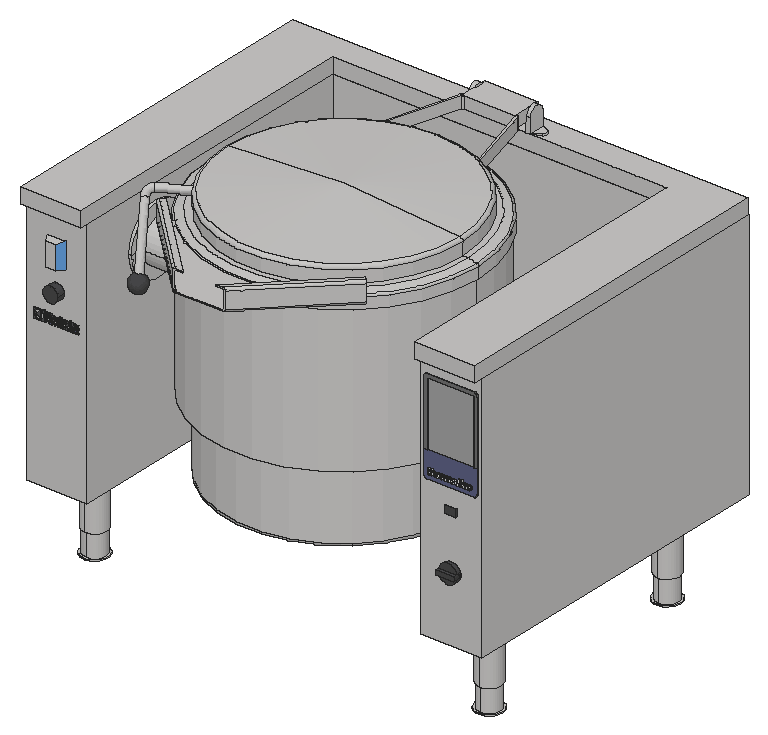
Revit family "QF_ELECTROLUXPROFESSIONAL_587178_PBOT10SCJO", category Attrezzature speciali, Revit 2020
Family settings
  Quota connettore circolare = Usa diametro
  Tipo di parte = Normale
  Basato su piano di lavoro = No
  Sempre verticale = Sì
  Taglio con vuoti quando caricato = No
  Condiviso = No
  Punto di calcolo locali = No
Parameters (values of type "Standard")
  Weight = 180.00 kg
  Watts = 200 W
  Volts = 230 V
  URL Manufacturer = "https://www.electroluxprofessional.com/"
  URL = "https://www.electroluxprofessional.com/"
  Steam Supply Size = 25.4 mm
  Steam Supply Minimum Pressure = 3.28084 Pa
  Steam Supply Maximum Pressure = 4.92126 Pa
  Steam Consumption per Hour = 45
  Refrigeration Suction Line Size = 0.0 mm
  Refrigeration Liquid Line Size = 0.0 mm
  Refrigerant Compressor Remote = yes
  Prospetto di default = 0.0 mm
  Produttore = "Electrolux Professional"
  Phase = 1
  Modello = "PBOT10SCJO"
  Length Actual = 1200.0 mm  # constant formula
  Item Number = "587178"
  Hot Water Size = 12.7 mm
  Height Actual = 700.0 mm  # constant formula
  HP = "0.3 HP"
  Gas Size = 0 mm
  Gas KW = 0
  Gas Input Pressure = 0 W
  Direct Waste Size = 0 mm
  Descrizione = "STEAM (ELEC) BOILING PAN,TILTING,100L,230V,FS,MARINE"
  Depth Actual = 900.0 mm  # constant formula
  Cycle = 50 Hz
  Condensate Return Size = 25.4 mm
  Compressed Air Volume = 0.0 L/s
  Compressed Air Size = 0 mm
  Compressed Air Pressure = 0.0 Pa
  Cold Water Size = 12.7 mm
  Accessory = yes
Reference planes
  plane 1 "Center (Front/Back)": y = 0
  plane 2: z = 0
  plane 3 "Center (Left/Right)": x = 0
  plane 4 "LEFT": x = -600
  plane 5 "RIGHT": x = 600
  plane 6 "BACK": y = 450
  plane 7 "FRONT": y = -450
  plane 8 "Base": z = 200
  plane 9 "TOP": z = 900
  plane 10: x = -440
  plane 11: x = 440
  plane 12 "Axe_PentolaY": y = -205
  plane 13 "AxePentolaZ": z = 730
  plane 14 "PLANE_TOP": z = 860
  plane 15: y = 380
  plane 16: x = -349.5
  plane 17: z = 880
  plane 18: z = 495
  plane 19: z = 280
  plane 20: x = -313.5
  plane 21: y = -610
  plane 22 "CentroPentolaY": y = -133
  plane 23 "TopCoperchio": z = 981
  plane 24 "Versamento": z = 910
  plane 25 "V1": through (-114.68, -565.5, 4000) normal (-0.7071, -0.7071, 0)
  plane 26 "V2": through (122.18, -558, 4000) normal (-0.7071, 0.7071, 0)
  plane 27 "Gfront": y = -1300
  plane 28 "LEVEL": through (-245.562, -289.383, 4000) normal (0.866, 0.5, 0)
  plane 29 "GRight": x = 250
  plane 30 "GLeft": x = -250
  plane 31 "Gback": y = -100
  plane 32: z = 1756
  plane 33 "Ribaltamento": y = -674
  plane 34: x = -520
  plane 35: x = 520
Forms (mm)
  Revolve 1, solid, material "QF_Finishes_Stainless Steel"
    sketch origin (0, 0, 730) x (-1, 0, 0) y (0, -1, 0)
      loop
        line (440, 205) -> (-440, 205) -> (-440, 115) -> (-430, 115) -> (-430, 148) -> (430, 148) -> (430, 115) -> (440, 115) -> (440, 205)
      axis (440, 205) -> (-440, 205)
    angle from 0 to 360
  Extrusion 2, solid, material "QF_Finishes_Stainless Steel"
    sketch origin (0, 0, 860) x (-1, 0, 0) y (0, -1, 0)
      loop
        line (600, 450) -> (440, 450) -> (440, -380) -> (-440, -380) -> (-440, 450) -> (-600, 450) -> (-600, -450) -> (600, -450) -> (600, 450)
    from 0 to 40
  Extrusion 3, solid, material "QF_Finishes_Stainless Steel"
    sketch origin (0, 0, 860) x (-1, 0, 0) y (0, -1, 0)
      loop
        line (440, -380) -> (-440, -380) -> (-440, -450) -> (440, -450) -> (440, -380)
    from 0 to -360
  Revolve 4, solid, material "QF_Finishes_Stainless Steel"
    sketch origin (0, -133, 0) x (-1, 0, 0) y (0, 0, 1)
      loop
        line (0, 880) -> (0, 280)
        arc (0, 280) -> (156.043, 284.842) -> (311.485, 299.356) r 2515
        arc (311.485, 299.356) -> (312.985, 302.455) -> (313.5, 305.859) r 11.5
        line (313.5, 305.859) -> (313.5, 495) -> (349.5, 495) -> (349.5, 880) -> (0, 880)
      axis (0, 880) -> (0, 280)
    angle from 0 to 360
  Revolve 5, solid, material "QF_Finishes_Stainless Steel"
    sketch origin (0, -133, 0) x (-1, 0, 0) y (0, 0, 1)
      loop
        line (354.5, 880) -> (354.5, 908.417)
        arc (354.5, 908.417) -> (353.283, 912.04) -> (350.126, 914.193) r 6
        line (350.126, 914.193) -> (329.5, 920) -> (313.5, 920) -> (313.5, 951.908)
        arc (313.5, 951.908) -> (311.001, 958.521) -> (304.753, 961.829) r 10
        arc (304.753, 961.829) -> (152.678, 976.202) -> (0, 981) r 2431.82
        line (0, 981) -> (0, 880) -> (354.5, 880)
      axis (0, 981) -> (0, 880)
    angle from 0 to 360
  Extrusion 6, solid, material "QF_Finishes_Stainless Steel"
    sketch origin (0, 0, 910) x (-1, 0, 0) y (0, -1, 0)
      loop
        line (45.557, 610) -> (-45.557, 610) -> (-263.465, 392.092) -> (-247.191, 375.819)
        arc (-247.191, 375.819) -> (0, 479.503) -> (247.191, 375.819) r 346.503
        line (247.191, 375.819) -> (263.465, 392.092) -> (45.557, 610)
    from 0 to 3
  Sweep 7, solid, material "QF_Finishes_Stainless Steel"
    path origin (0, 0, 910) x (-1, 0, 0) y (0, -1, 0)
      loop
        line (55.425, 624.755) -> (275.776, 404.404)
    profile origin (-165.6, -514.579, 910) x (-0.707107, -0.707107, 0) y (0, 0, 1)
      loop
        arc (-6, 0) -> (-1.757, 1.757) -> (0, 6) r 6
        line (0, 6) -> (0, 50)
        arc (0, 50) -> (-1.757, 54.243) -> (-6, 56) r 6
        line (-6, 56) -> (-19, 56) -> (-19, 53) -> (-6, 53)
        arc (-6, 53) -> (-3.879, 52.121) -> (-3, 50) r 3
        line (-3, 50) -> (-3, 6)
        arc (-3, 6) -> (-3.879, 3.879) -> (-6, 3) r 3
        line (-6, 3) -> (-19, 3) -> (-19, 0) -> (-6, 0)
  Sweep 8, solid, material "QF_Finishes_Stainless Steel"
    path origin (0, 0, 910) x (-1, 0, 0) y (0, -1, 0)
      loop
        line (-55.075, 625.105) -> (-275.776, 404.404)
    profile origin (165.425, -514.754, 910) x (-0.707107, 0.707107, 0) y (0, 0, 1)
      loop
        arc (0, 6) -> (1.757, 1.757) -> (6, 0) r 6
        line (6, 0) -> (19, 0) -> (19, 3) -> (6, 3)
        arc (6, 3) -> (3.879, 3.879) -> (3, 6) r 3
        line (3, 6) -> (3, 50)
        arc (3, 50) -> (3.879, 52.121) -> (6, 53) r 3
        line (6, 53) -> (19, 53) -> (19, 56) -> (6, 56)
        arc (6, 56) -> (1.757, 54.243) -> (0, 50) r 6
        line (0, 50) -> (0, 6)
  Extrusion 9, solid, material "QF_Finishes_Stainless Steel"
    sketch origin (0, 0, 0) x (0, 1, 0) y (0, 0, 1)
      loop
        line (420, 900) -> (420, 938.813)
        arc (420, 938.813) -> (400, 958.813) -> (380, 938.813) r 20
        line (380, 938.813) -> (380, 900) -> (420, 900)
    from -70 to -82
  Extrusion 10, solid, material "QF_Finishes_Stainless Steel"
    sketch origin (0, 0, 900) x (0, 1, 0) y (-1, 0, 0)
      loop
        arc (341.132, 72.4) -> (343.874, 70.425) -> (344.734, 67.158) r 5
        line (344.734, 67.158) -> (344.734, -67.158)
        arc (344.734, -67.158) -> (343.874, -70.425) -> (341.132, -72.4) r 5
        line (341.132, -72.4) -> (129.308, -133.139)
        arc (129.308, -133.139) -> (127.881, -135.914) -> (126.425, -138.673) r 294.162
        line (126.425, -138.673) -> (342.51, -77.206)
        arc (342.51, -77.206) -> (346.951, -74.535) -> (349.459, -70) r 10
        line (349.459, -70) -> (420, -70) -> (420, 70) -> (349.459, 70)
        arc (349.459, 70) -> (346.951, 74.535) -> (342.51, 77.206) r 10
        line (342.51, 77.206) -> (126.425, 138.673)
        arc (126.425, 138.673) -> (127.881, 135.914) -> (129.308, 133.139) r 294.162
        line (129.308, 133.139) -> (341.132, 72.4)
    from 23.419 to 54.644
  Extrusion 11, solid, material "QF_Finishes_Stainless Steel"
    sketch origin (0, 0, 0) x (0, 1, 0) y (0, 0, 1)
      loop
        line (420, 900) -> (420, 938.813)
        arc (420, 938.813) -> (400, 958.813) -> (380, 938.813) r 20
        line (380, 938.813) -> (380, 900) -> (420, 900)
    from 70 to 82
  Extrusion 12, solid, material "QF_Finishes_Stainless Steel"
    sketch origin (0, 0, 900) x (0, 1, 0) y (-1, 0, 0)
      loop
        arc (391.973, -103.927) -> (400, -108.689) -> (408.027, -103.927) r 9.146
        line (408.027, -103.927) -> (420, -82) -> (380, -82) -> (391.973, -103.927)
      loop
        line (391.973, 103.927) -> (380, 82) -> (420, 82) -> (408.027, 103.927)
        arc (408.027, 103.927) -> (400, 108.689) -> (391.973, 103.927) r 9.146
    from 0 to 3
  Extrusion 13, solid, material "QF_Door-Drawer Clearances", detail levels coarse
    sketch origin (0, 0, 0) x (0, 1, 0) y (0, 0, 1)
      loop
        line (-610, 916) -> (-610, 927.19)
        arc (-610, 927.19) -> (-658.178, 610.489) -> (-482.5, 342.612) r 447.893
        line (-482.5, 342.612) -> (-482.5, 880) -> (-487.5, 880) -> (-487.5, 910) -> (-605.757, 910)
        spline (-605.757, 910) -> (-606.311, 910.051) -> (-606.855, 910.204) -> (-607.381, 910.457) -> (-607.879, 910.804) -> (-608.34, 911.24) -> (-608.757, 911.757) -> (-609.123, 912.347) -> (-609.432, 913) -> (-609.677, 913.704) -> (-609.855, 914.447) -> (-609.964, 915.217) -> (-610, 916)
    from -100 to 100
  Extrusion 14, void
    sketch origin (0, 0, 910) x (-1, 0, 0) y (0, -1, 0)
      loop
        line (75, 610) -> (75, 627.601) -> (-72.504, 627.601) -> (-72.504, 610) -> (75, 610)
    from 0 to 71
  Extrusion 15, solid, material "QF_Door-Drawer Clearances", detail levels coarse
    sketch origin (0, 503.456, 621.717) x (0, 1, 0) y (0, 0, 1)
      loop
        line (-83.456, 332.927) -> (-293.85, 1134.283)
        arc (-293.85, 1134.283) -> (-817.32, 857.21) -> (-1113.456, 344.283) r 1070.86
        line (-1113.456, 344.283) -> (-899.021, 344.283)
        arc (-899.021, 344.283) -> (-633.085, 359.286) -> (-367.148, 344.283) r 2364.531
        line (-367.148, 344.283) -> (-323.456, 344.283) -> (-323.456, 332.927) -> (-83.456, 332.927)
    from -100 to 100
Cuts and joins
  Extrusion 14 cuts Extrusion 6
  Extrusion 14 cuts Sweep 7
  Extrusion 14 cuts Sweep 8
  joined: Extrusion 6, Sweep 7, Sweep 8
  Extrusion 14 cuts Extrusion 13
Lines and regions (mm)
  symbolic lines
    curve 1: line (600, 450, 900) -> (-600, 450, 900)
    curve 2: line (600, -450, 900) -> (600, 450, 900)
    curve 3: line (-600, 450, 900) -> (-600, -450, 900)
    curve 4: line (-600, -450, 900) -> (-440, -450, 900)
    curve 5: line (-440, -450, 900) -> (-440, 380, 900)
    curve 6: line (440, 380, 900) -> (440, -450, 900)
    curve 7: line (440, -450, 900) -> (600, -450, 900)
    curve 8: line (-430, -115, 900) -> (-430, -295, 900)
    curve 9: line (-430, -115, 900) -> (-440, -115, 900)
    curve 10: line (-430, -295, 900) -> (-440, -295, 900)
    curve 11: line (430, -115, 900) -> (440, -115, 900)
    curve 12: line (430, -295, 900) -> (440, -295, 900)
    curve 13: line (-70, 349.459, 900) -> (-70, 420, 900)
    curve 14: line (-82, 420, 900) -> (82, 420, 900)
    curve 15: line (70, 420, 900) -> (70, 349.459, 900)
    curve 16: line (-66.757, 345, 900) -> (66.757, 345, 900)
    curve 17: line (-70.18, -610, 900) -> (-275.776, -404.404, 900)
    curve 18: line (-275.776, -404.404, 900) -> (-249.31, -377.938, 900)
    curve 19: line (-262.341, -390.969, 900) -> (-56.745, -596.565, 900)
    curve 20: line (56.745, -596.565, 900) -> (262.341, -390.969, 900)
    curve 21: line (249.31, -377.938, 900) -> (275.776, -404.404, 900)
    curve 22: line (275.776, -404.404, 900) -> (70.18, -610, 900)
    curve 23: line (-103.927, 391.973, 900) -> (-82, 380, 900)
    curve 24: arc (-103.927, 408.027, 900) -> (-108.689, 400, 900) -> (-103.927, 391.973, 900) r 9.146
    curve 25: line (-82, 420, 900) -> (-103.927, 408.027, 900)
    curve 26: line (-82, 420, 900) -> (-82, 380, 900)
    curve 27: line (82, 380, 900) -> (82, 420, 900)
    curve 28: line (103.927, 408.027, 900) -> (82, 420, 900)
    curve 29: arc (103.927, 391.973, 900) -> (108.689, 400, 900) -> (103.927, 408.027, 900) r 9.146
    curve 30: line (82, 380, 900) -> (103.927, 391.973, 900)
    curve 36: line (-440, 380, 900) -> (-70, 380, 900)
    curve 37: line (440, 380, 900) -> (70, 380, 900)
    curve 38: line (-430, -147.761, 900) -> (-349.188, -147.761, 900)
    curve 39: line (-430, -262, 900) -> (-324.822, -262, 900)
    curve 40: line (430, -147.761, 900) -> (349.188, -147.761, 900)
    curve 60: line (430, -262, 900) -> (324.822, -262, 900)
    curve 72: arc (-296.118, -318.645, 910) -> (300.864, 44.851, 910) -> (-305.405, -302.936, 910) r 349.5
    curve 75: line (430, -295, 910) -> (430, -115, 910)
  symbolic lines, style "SpecialityEquipmentHiddenLines"
    curve 31: line (-250, -1300, 900) -> (250, -1300, 900)
    curve 32: line (-250, -100, 900) -> (-250, -1300, 900)
    curve 33: line (250, -100, 900) -> (-250, -100, 900)
    curve 34: line (250, -1300, 900) -> (250, -100, 900)
    curve 57: line (0, -1165.484, 900) -> (0, -1135.484, 900)
    curve 58: line (-15, -1150.484, 900) -> (15, -1150.484, 900)
    curve 61: arc (-72.4, 341.132, 910) -> (-70.425, 343.874, 910) -> (-67.158, 344.734, 910) r 5
    curve 62: arc (-70, 349.459, 910) -> (-74.535, 346.951, 910) -> (-77.206, 342.51, 910) r 10
    curve 63: arc (77.206, 342.51, 910) -> (74.535, 346.951, 910) -> (70, 349.459, 910) r 10
    curve 64: arc (67.158, 344.734, 910) -> (70.425, 343.874, 910) -> (72.4, 341.132, 910) r 5
    curve 70: line (-56.745, -596.565, 910) -> (-70.18, -610, 910)
    curve 71: line (56.745, -596.565, 910) -> (70.18, -610, 910)
    curve 74: line (250, -100, 910) -> (-250, -100, 910)
  symbolic lines, style "SpecialityEquipment"
    curve 35: circle (0, -1150.484, 900) r 15 normal (0, 0, 1)
    curve 41: line (210, -1300, 900) -> (210, -1100, 900)
    curve 42: line (170, -1300, 900) -> (170, -1140, 900)
    curve 43: line (130, -1300, 900) -> (130, -1180, 900)
    curve 44: line (90, -1300, 900) -> (90, -1220, 900)
    curve 45: line (90, -1260, 900) -> (250, -1260, 900)
    curve 46: line (130, -1220, 900) -> (250, -1220, 900)
    curve 47: line (170, -1180, 900) -> (250, -1180, 900)
    curve 48: line (210, -1140, 900) -> (250, -1140, 900)
    curve 49: line (-210, -1300, 900) -> (-210, -1100, 900)
    curve 50: line (-170, -1300, 900) -> (-170, -1140, 900)
    curve 51: line (-130, -1300, 900) -> (-130, -1180, 900)
    curve 52: line (-90, -1300, 900) -> (-90, -1220, 900)
    curve 53: line (-90, -1260, 900) -> (-250, -1260, 900)
    curve 54: line (-130, -1220, 900) -> (-250, -1220, 900)
    curve 55: line (-170, -1180, 900) -> (-250, -1180, 900)
    curve 56: line (-210, -1140, 900) -> (-250, -1140, 900)
    curve 59: line (-70.18, -610, 900) -> (70.18, -610, 900)
    curve 65: line (72.4, 341.132, 910) -> (133.139, 129.308, 910)
    curve 66: line (138.673, 126.425, 910) -> (77.206, 342.51, 910)
    curve 67: line (-133.139, 129.308, 910) -> (-72.4, 341.132, 910)
    curve 68: line (-77.206, 342.51, 910) -> (-138.673, 126.425, 910)
    curve 69: circle (0, -133, 910) r 294.162 normal (0, 0, -1)
    curve 73: circle (0, -133, 910) r 313.5 normal (0, 0, 1)
Dimensions and locks
  plane 4 "LEFT" to plane 5 "RIGHT" = 1200.0 mm
  equal spacing: plane 4 "LEFT", plane 3 "Center (Left/Right)", plane 5 "RIGHT"
  equal spacing: plane 6 "BACK", plane 1 "Center (Front/Back)", plane 7 "FRONT"
  plane 6 "BACK" to plane 7 "FRONT" = 900.0 mm
  plane 8 "Base" to level = 200.0 mm
  plane 9 "TOP" to level = 900.0 mm
  plane 9 "TOP" to plane 8 "Base" = 700.0 mm
  locked: plane 4 "LEFT" to plane 10 at 160
  locked: plane 11 to plane 5 "RIGHT" at 160
  locked: plane 6 "BACK" to plane 12 "Axe_PentolaY" at 655
  locked: plane 13 "AxePentolaZ" to plane 8 "Base" at 530
  locked: Revolve 1 sketch curve to Revolve 1 sketch curve at 57
  locked: Revolve 1 sketch curve to Revolve 1 sketch curve at 90
  locked: plane 10 to Revolve 1 sketch curve at 10
  locked: Revolve 1 sketch curve to plane 11 at 10
  locked: plane 9 "TOP" to plane 14 "PLANE_TOP" at 40
  plane 6 "BACK" to plane 15 = 70.0 mm
  locked: plane 17 to plane 13 "AxePentolaZ" at 150
  locked: plane 13 "AxePentolaZ" to plane 18 at 235
  locked: plane 18 to plane 19 at 215
  locked: plane 3 "Center (Left/Right)" to plane 16 at 349.5
  locked: plane 3 "Center (Left/Right)" to plane 20 at 313.5
  Revolve 5 sketch curve to plane 17 = 40.0 mm
  locked: plane 16 to Revolve 5 sketch curve at 5
  plane 6 "BACK" to plane 21 = 1060.0 mm
  locked: plane 6 "BACK" to plane 22 "CentroPentolaY" at 583
  locked: plane 23 "TopCoperchio" to plane 9 "TOP" at 81
  locked: plane 24 "Versamento" to level at 910
  plane 6 "BACK" to plane 27 "Gfront" = 1750.0 mm
  locked: plane 30 "GLeft" to plane 3 "Center (Left/Right)" at 250
  locked: plane 3 "Center (Left/Right)" to plane 29 "GRight" at 250
  plane 6 "BACK" to plane 31 "Gback" = 550.0 mm
  plane 32 to plane 9 "TOP" = 856.0 mm
  plane 6 "BACK" to plane 33 "Ribaltamento" = 1124.0 mm
  equal spacing: plane 10, plane 34, plane 4 "LEFT"
  equal spacing: plane 5 "RIGHT", plane 35, plane 11
  aligned and locked: level to plane 2
  aligned and locked: plane 5 "RIGHT" to nested 2
  aligned and locked: plane 4 "LEFT" to nested 1
  aligned and locked: plane 8 "Base" to nested 1
  aligned and locked: plane 8 "Base" to nested 2
  aligned and locked: plane 6 "BACK" to nested 2
  aligned and locked: plane 6 "BACK" to nested 1
  aligned and locked: plane 10 to Revolve 1 sketch curve
  aligned and locked: plane 11 to Revolve 1 sketch curve
  aligned and locked: plane 4 "LEFT" to Extrusion 2 sketch curve
  aligned and locked: Extrusion 2 sketch curve to plane 10
  aligned and locked: plane 7 "FRONT" to Extrusion 2 sketch curve  (x2)
  aligned and locked: Extrusion 2 sketch curve to plane 5 "RIGHT"
  aligned and locked: plane 11 to Extrusion 2 sketch curve
  aligned and locked: Extrusion 2 sketch curve to plane 6 "BACK"
  aligned and locked: plane 15 to Extrusion 2 sketch curve
  aligned and locked: Extrusion 3 sketch curve to plane 10
  aligned and locked: plane 6 "BACK" to Extrusion 3 sketch curve
  aligned and locked: plane 11 to Extrusion 3 sketch curve
  aligned and locked: Extrusion 3 sketch curve to plane 15
  aligned and locked: plane 3 "Center (Left/Right)" to Revolve 4 sketch curve
  aligned and locked: Revolve 4 sketch curve to plane 20
  aligned and locked: Revolve 4 sketch curve to plane 18
  aligned and locked: Revolve 4 sketch curve to plane 16
  aligned and locked: plane 17 to Revolve 4 sketch curve
  aligned and locked: Revolve 5 sketch curve to plane 17
  aligned and locked: Extrusion 9 sketch curve to plane 15
  aligned and locked: Extrusion 9 sketch curve to Extrusion 2
  aligned and locked: curve 31 to plane 27 "Gfront"
  aligned and locked: curve 32 to plane 30 "GLeft"
  aligned and locked: plane 29 "GRight" to curve 34
  aligned and locked: plane 31 "Gback" to curve 33
  aligned and locked: plane 34 to nested 3
  aligned and locked: plane 35 to nested 4
Automatic sketch dimensions
  plane 12 "Axe_PentolaY" to Revolve 1 sketch curve = 0.0 mm
  Revolve 1 sketch curve to plane 12 "Axe_PentolaY" = 0.0 mm
  Revolve 1 sketch curve to plane 31 "Gback" = 15.0 mm
  plane 5 "RIGHT" to Revolve 1 sketch curve = 432.098 mm
  Revolve 1 sketch curve to plane 4 "LEFT" = 580.148 mm
  Revolve 4 sketch curve to plane 3 "Center (Left/Right)" = 0.0 mm
  Revolve 4 sketch curve to plane 19 = 0.0 mm
  Revolve 4 sketch curve to plane 3 "Center (Left/Right)" = 0.059 mm
  Revolve 4 sketch curve to Revolve 4 sketch curve = 11.5 mm
  plane 19 to Revolve 4 sketch curve = 25.859 mm
  plane 32 to Revolve 4 sketch curve = 1039.0 mm
  level to Revolve 4 sketch curve = 60.0 mm
  plane 23 "TopCoperchio" to Revolve 4 sketch curve = 179.0 mm
  Extrusion 6 sketch curve to plane 21 = 0.0 mm
  Extrusion 6 sketch curve to plane 3 "Center (Left/Right)" = 0.0 mm
  Extrusion 6 sketch curve to plane 22 "CentroPentolaY" = 0.0 mm
  plane 3 "Center (Left/Right)" to Extrusion 6 sketch curve = 45.557 mm
  Extrusion 6 sketch curve to plane 29 "GRight" = 2.809 mm
  plane 29 "GRight" to Extrusion 6 sketch curve = 13.465 mm
  Extrusion 6 sketch curve to plane 3 "Center (Left/Right)" = 45.557 mm
  plane 30 "GLeft" to Extrusion 6 sketch curve = 2.809 mm
  Extrusion 6 sketch curve to plane 30 "GLeft" = 13.465 mm
  plane 7 "FRONT" to Extrusion 6 sketch curve = 74.181 mm
  plane 25 "V1" to Sweep 7 sketch curve = 0.0 mm
  Sweep 7 sketch curve to plane 25 "V1" = 0.0 mm
  Sweep 7 sketch curve to plane 21 = 14.755 mm
  Sweep 7 sketch curve to plane 30 "GLeft" = 25.776 mm
  Sweep 7 sketch curve to Sweep 7 sketch curve = 0.0 mm  (x4)
  plane 24 "Versamento" to Sweep 7 sketch curve = 0.0 mm
  Sweep 7 sketch curve to profile plane = 0.0 mm
  profile plane to Sweep 7 sketch curve = 3.0 mm
  Sweep 7 sketch curve to Sweep 7 sketch curve = 3.0 mm  (x2)
  Sweep 7 sketch curve to Sweep 7 sketch curve = 13.0 mm  (x2)
  Sweep 7 sketch curve to Sweep 7 sketch curve = 44.0 mm
  Sweep 8 sketch curve to plane 26 "V2" = 0.0 mm  (x2)
  plane 29 "GRight" to Sweep 8 sketch curve = 25.776 mm
  Sweep 8 sketch curve to plane 21 = 15.105 mm
  Sweep 8 sketch curve to Sweep 8 sketch curve = 0.0 mm  (x4)
  Sweep 8 sketch curve to profile plane = 0.0 mm
  plane 24 "Versamento" to Sweep 8 sketch curve = 0.0 mm
  Sweep 8 sketch curve to Sweep 8 sketch curve = 3.0 mm  (x2)
  Sweep 8 sketch curve to profile plane = 6.0 mm
  Sweep 8 sketch curve to Sweep 8 sketch curve = 13.0 mm  (x2)
  Sweep 8 sketch curve to Sweep 8 sketch curve = 44.0 mm
  plane 15 to Extrusion 9 sketch curve = 20.0 mm
  plane 24 "Versamento" to Extrusion 9 sketch curve = 28.813 mm
  Extrusion 10 sketch curve to Extrusion 10 sketch curve = 0.0 mm  (x6)
  Extrusion 10 sketch curve to plane 3 "Center (Left/Right)" = 0.0 mm
  Extrusion 10 sketch curve to plane 22 "CentroPentolaY" = 0.0 mm
  Extrusion 10 sketch curve to plane 1 "Center (Front/Back)" = 126.425 mm  (x2)
  Extrusion 10 sketch curve to Extrusion 10 sketch curve = 2.883 mm  (x2)
  Extrusion 10 sketch curve to plane 15 = 40.247 mm  (x2)
  Extrusion 10 sketch curve to Extrusion 10 sketch curve = 1.378 mm  (x4)
  Extrusion 10 sketch curve to Extrusion 10 sketch curve = 4.981 mm
  Extrusion 10 sketch curve to Extrusion 10 sketch curve = 4.725 mm  (x2)
  Extrusion 10 sketch curve to plane 6 "BACK" = 30.0 mm
  plane 3 "Center (Left/Right)" to Extrusion 10 sketch curve = 67.158 mm
  Extrusion 10 sketch curve to Extrusion 10 sketch curve = 0.436 mm  (x2)
  plane 3 "Center (Left/Right)" to Extrusion 10 sketch curve = 70.0 mm
  Extrusion 10 sketch curve to plane 29 "GRight" = 116.861 mm
  Extrusion 10 sketch curve to plane 3 "Center (Left/Right)" = 67.158 mm
  Extrusion 10 sketch curve to plane 3 "Center (Left/Right)" = 70.0 mm
  plane 30 "GLeft" to Extrusion 10 sketch curve = 116.861 mm
  Extrusion 11 sketch curve to plane 9 "TOP" = 0.0 mm
  Extrusion 11 sketch curve to plane 15 = 0.0 mm
  plane 15 to Extrusion 11 sketch curve = 20.0 mm
  plane 24 "Versamento" to Extrusion 11 sketch curve = 28.813 mm
  Extrusion 12 sketch curve to plane 15 = 0.0 mm  (x2)
  plane 15 to Extrusion 12 sketch curve = 11.973 mm  (x2)
  Extrusion 12 sketch curve to Extrusion 12 sketch curve = 8.027 mm  (x4)
  Extrusion 12 sketch curve to Extrusion 12 sketch curve = 11.973 mm  (x2)
  plane 3 "Center (Left/Right)" to Extrusion 12 sketch curve = 103.927 mm
  Extrusion 12 sketch curve to Extrusion 12 sketch curve = 4.383 mm  (x2)
  Extrusion 12 sketch curve to Extrusion 12 sketch curve = 21.927 mm
  Extrusion 12 sketch curve to plane 3 "Center (Left/Right)" = 82.0 mm
  Extrusion 12 sketch curve to Extrusion 12 sketch curve = 17.543 mm
  Extrusion 13 sketch curve to plane 21 = 0.0 mm
  Extrusion 13 sketch curve to plane 24 "Versamento" = 0.0 mm
  Extrusion 13 sketch curve to plane 17 = 0.0 mm
  plane 21 to Extrusion 13 sketch curve = 4.243 mm
  Extrusion 13 sketch curve to plane 7 "FRONT" = 37.5 mm
  Extrusion 13 sketch curve to Extrusion 13 sketch curve = 5.0 mm
  Extrusion 13 sketch curve to plane 12 "Axe_PentolaY" = 15.573 mm
  Extrusion 13 sketch curve to plane 13 "AxePentolaZ" = 24.067 mm
  plane 19 to Extrusion 13 sketch curve = 62.612 mm
  plane 24 "Versamento" to Extrusion 13 sketch curve = 6.0 mm
  Extrusion 14 sketch curve to plane 21 = 0.0 mm
  plane 3 "Center (Left/Right)" to Extrusion 14 sketch curve = 72.504 mm
  Extrusion 14 sketch curve to plane 21 = 17.601 mm
  Extrusion 14 sketch curve to plane 3 "Center (Left/Right)" = 75.0 mm
  Extrusion 15 sketch curve to plane 21 = 0.0 mm
  Extrusion 15 sketch curve to plane 32 = 0.0 mm
  plane 7 "FRONT" to Extrusion 15 sketch curve = 54.435 mm
  plane 22 "CentroPentolaY" to Extrusion 15 sketch curve = 3.372 mm
  Extrusion 15 sketch curve to plane 23 "TopCoperchio" = 15.0 mm
  Extrusion 15 sketch curve to plane 1 "Center (Front/Back)" = 136.308 mm
  Extrusion 15 sketch curve to Extrusion 15 sketch curve = 43.692 mm
  Extrusion 15 sketch curve to plane 6 "BACK" = 30.0 mm
  Extrusion 15 sketch curve to plane 6 "BACK" = 20.705 mm
  Extrusion 15 sketch curve to Extrusion 15 sketch curve = 11.356 mm
  Extrusion 15 sketch curve to plane 13 "AxePentolaZ" = 22.083 mm
  Extrusion 15 sketch curve to level = 1383.528 mm
  curve 61 to curve 62 = 0.0 mm  (x2)
  curve 63 to curve 64 = 0.0 mm  (x2)
  curve 69 to curve 72 = 0.0 mm  (x2)
  curve 69 to curve 73 = 0.0 mm  (x2)
  curve 72 to curve 73 = 0.0 mm  (x2)
  curve 74 to plane 29 "GRight" = 0.0 mm
  curve 71 to plane 21 = 0.0 mm
  curve 71 to plane 26 "V2" = 0.0 mm
  curve 69 to plane 3 "Center (Left/Right)" = 0.0 mm
  curve 70 to plane 21 = 0.0 mm
  plane 25 "V1" to curve 70 = 0.0 mm
  curve 74 to plane 30 "GLeft" = 0.0 mm
  curve 74 to plane 31 "Gback" = 0.0 mm
  curve 73 to plane 22 "CentroPentolaY" = 0.0 mm
  curve 66 to plane 15 = 37.49 mm
  plane 3 "Center (Left/Right)" to curve 66 = 77.206 mm
  curve 63 to curve 65 = 4.806 mm
  curve 64 to curve 64 = 4.806 mm
  curve 62 to plane 3 "Center (Left/Right)" = 67.593 mm
  curve 67 to plane 15 = 38.868 mm
  curve 61 to curve 67 = 4.806 mm
  curve 68 to plane 15 = 37.49 mm
  curve 61 to curve 68 = 4.806 mm
  curve 63 to curve 65 = 1.378 mm
  curve 67 to curve 62 = 1.378 mm
  curve 64 to curve 64 = 1.378 mm
  curve 75 to plane 11 = 10.0 mm
  curve 66 to plane 29 "GRight" = 111.327 mm
  curve 66 to curve 65 = 5.534 mm
  curve 64 to curve 63 = 2.4 mm
  curve 63 to curve 64 = 0.436 mm
  plane 21 to curve 71 = 13.435 mm
  curve 71 to curve 71 = 13.435 mm
  plane 21 to curve 70 = 13.435 mm
  curve 70 to curve 70 = 13.435 mm
  curve 61 to curve 61 = 0.436 mm
  curve 61 to curve 62 = 2.842 mm
  plane 30 "GLeft" to curve 67 = 116.861 mm
  curve 67 to curve 68 = 5.534 mm
  plane 20 to curve 72 = 17.382 mm
  plane 20 to curve 72 = 8.095 mm
  curve 67 to plane 1 "Center (Front/Back)" = 129.308 mm
  curve 75 to plane 31 "Gback" = 15.0 mm
  curve 75 to plane 12 "Axe_PentolaY" = 90.0 mm
  curve 72 to plane 12 "Axe_PentolaY" = 97.936 mm
  curve 57 to plane 3 "Center (Left/Right)" = 0.0 mm
  curve 35 to plane 3 "Center (Left/Right)" = 0.0 mm
  curve 59 to plane 21 = 0.0 mm
  curve 5 to plane 7 "FRONT" = 0.0 mm
  curve 6 to plane 7 "FRONT" = 0.0 mm
  curve 17 to plane 25 "V1" = 0.0 mm
  curve 22 to plane 26 "V2" = 0.0 mm  (x2)
  curve 12 to plane 11 = 0.0 mm
  curve 10 to plane 10 = 0.0 mm
  curve 5 to plane 15 = 0.0 mm
  curve 6 to plane 15 = 0.0 mm
  curve 2 to plane 5 "RIGHT" = 0.0 mm
  curve 2 to plane 6 "BACK" = 0.0 mm
  plane 25 "V1" to curve 59 = 0.0 mm
  curve 3 to plane 4 "LEFT" = 0.0 mm
  plane 27 "Gfront" to curve 35 = 149.516 mm
  curve 17 to plane 30 "GLeft" = 25.776 mm
  plane 29 "GRight" to curve 22 = 25.776 mm
  plane 10 to curve 8 = 10.0 mm
  curve 8 to plane 12 "Axe_PentolaY" = 90.0 mm
  curve 8 to plane 31 "Gback" = 15.0 mm
  plane 15 to curve 30 = 11.973 mm
  plane 15 to curve 23 = 11.973 mm
  curve 24 to curve 24 = 8.027 mm
  curve 29 to curve 29 = 8.027 mm
  curve 24 to curve 25 = 8.027 mm
  curve 29 to curve 28 = 8.027 mm
  curve 25 to curve 25 = 11.973 mm
  plane 3 "Center (Left/Right)" to curve 30 = 103.927 mm
  curve 28 to curve 29 = 4.383 mm
  curve 28 to curve 28 = 21.927 mm
  curve 26 to plane 3 "Center (Left/Right)" = 82.0 mm
  curve 14 to curve 24 = 17.543 mm
  curve 24 to curve 25 = 4.383 mm
  curve 31 to curve 45 = 40.0 mm
  curve 31 to curve 53 = 40.0 mm
  curve 53 to curve 52 = 40.0 mm
  curve 45 to curve 46 = 40.0 mm
  curve 54 to curve 52 = 0.0 mm
  curve 44 to curve 46 = 0.0 mm
  curve 46 to curve 43 = 40.0 mm
  curve 54 to curve 55 = 40.0 mm
  curve 43 to curve 47 = 0.0 mm
  curve 55 to curve 51 = 0.0 mm
  curve 57 to curve 35 = 15.0 mm
  curve 58 to curve 35 = 0.0 mm
  curve 47 to curve 42 = 40.0 mm
  curve 55 to curve 56 = 40.0 mm
  curve 42 to curve 48 = 0.0 mm
  curve 56 to curve 50 = 0.0 mm
  curve 56 to curve 49 = 40.0 mm
  curve 48 to curve 41 = 40.0 mm
  plane 21 to curve 20 = 13.435 mm
  plane 21 to curve 19 = 13.435 mm
  curve 19 to plane 30 "GLeft" = 12.341 mm
  plane 29 "GRight" to curve 20 = 12.341 mm
  plane 30 "GLeft" to curve 18 = 0.69 mm
  curve 21 to plane 29 "GRight" = 0.69 mm
  curve 12 to plane 11 = 10.0 mm
  curve 12 to plane 12 "Axe_PentolaY" = 90.0 mm
  curve 60 to plane 11 = 10.0 mm
  curve 12 to curve 60 = 33.0 mm
  curve 8 to curve 39 = 33.0 mm
  curve 40 to plane 22 "CentroPentolaY" = 14.761 mm
  plane 16 to curve 38 = 0.312 mm
  curve 38 to plane 22 "CentroPentolaY" = 14.761 mm
  curve 11 to plane 31 "Gback" = 15.0 mm
  curve 16 to plane 15 = 35.0 mm
  curve 16 to curve 15 = 4.459 mm
  curve 16 to curve 13 = 4.459 mm
  curve 11 to curve 11 = 10.0 mm
  curve 40 to plane 11 = 10.0 mm
  curve 40 to curve 40 = 80.812 mm
  plane 29 "GRight" to curve 60 = 74.822 mm
  curve 48 to plane 29 "GRight" = 40.0 mm
  curve 48 to curve 42 = 40.0 mm
  curve 47 to curve 43 = 40.0 mm
  curve 46 to curve 44 = 40.0 mm
  curve 14 to curve 15 = 12.0 mm
  curve 15 to curve 16 = 3.243 mm
  curve 16 to curve 23 = 15.243 mm
  curve 13 to curve 14 = 12.0 mm
  curve 53 to plane 3 "Center (Left/Right)" = 90.0 mm
  curve 52 to curve 51 = 40.0 mm
  curve 51 to curve 50 = 40.0 mm
  plane 30 "GLeft" to curve 49 = 40.0 mm
  curve 39 to plane 20 = 11.322 mm
  Revolve 5 sketch curve to plane 3 "Center (Left/Right)" = 0.0 mm  (x2)
  plane 20 to Revolve 5 sketch curve = 0.0 mm
  Revolve 5 sketch curve to plane 23 "TopCoperchio" = 0.0 mm
  Revolve 5 sketch curve to Revolve 5 sketch curve = 10.0 mm
  Revolve 5 sketch curve to plane 20 = 16.0 mm
  plane 16 to Revolve 5 sketch curve = 1.0 mm
  Revolve 5 sketch curve to plane 16 = 0.626 mm
  Revolve 5 sketch curve to level = 1450.82 mm
  Revolve 5 sketch curve to plane 24 "Versamento" = 1.583 mm
  Revolve 5 sketch curve to plane 23 "TopCoperchio" = 29.092 mm
  Revolve 5 sketch curve to plane 18 = 95.0 mm
  Revolve 5 sketch curve to Revolve 5 sketch curve = 179.0 mm
  radius of curve 73 = 313.5 mm
Nested families
  nested 1: "QF_ELECTROLUXPROFESSIONAL_PBOTS900_LEFT" at (-520, 0, 0), type "QF_ELECTROLUXPROFESSIONAL_PBOTS900_LEFT"
    with Body Finish QF_Finishes_Stainless Steel
  nested 2: "QF_ELECTROLUXPROFESSIONAL_PBOTS900_RIGHT" at (520, 0, 0), type "QF_ELECTROLUXPROFESSIONAL_PBOTS900_RIGHT"
    with Body Finish QF_Finishes_Stainless Steel
  nested 3: "QF_ELECTROLUXPROFESSIONAL_2FEET_THL_120xH200" at (-520, 0, 0), type "QF_ELECTROLUXPROFESSIONAL_2FEET_THL_120xH200"
  nested 4: "QF_ELECTROLUXPROFESSIONAL_2FEET_THL_120xH200" at (520, 0, 0), type "QF_ELECTROLUXPROFESSIONAL_2FEET_THL_120xH200"
  nested 5: "QF_ELECTROLUXPROFESSIONAL_PBOT900_LEVEL1" at (-269.073, -292.423, 940) x (0.866, 0.5, 0) z (0, 0, 1), type "QF_ELECTROLUXPROFESSIONAL_PBOT900_LEVEL1"
Connectors
  piping at (-550, 453, 395), diameter 12.7, driven by "Hot Water Size"
    settings: on nested 1, index 1, connector inside diameter 609.6 mm, connector length 0.0 mm, flow factor 0, pipe flow 0.0 L/s, pressure drop 0.0 Pa, fitting loss kfactor 0, connector angle 0.00°, fixture units 0, engagement length 0.0 mm, angle of deflection 0.00°, flow configuration 1, flow direction 1, fitting loss method 0, system type 19, joint type 0, gender type 0, connector reference index -1, connector utility 0, adjustable connector no, is connector primary yes, connector description "Hot Water Inlet"
  piping at (-490, 453, 395), diameter 12.7, driven by "Cold Water Size"
    settings: on nested 1, index 2, connector inside diameter 609.6 mm, connector length 0.0 mm, flow factor 0, pipe flow 0.0 L/s, pressure drop 0.0 Pa, fitting loss kfactor 0, connector angle 0.00°, fixture units 0, engagement length 0.0 mm, angle of deflection 0.00°, flow configuration 1, flow direction 1, fitting loss method 0, system type 20, joint type 0, gender type 0, connector reference index -1, connector utility 0, adjustable connector no, is connector primary no, connector description "Cold Water Inlet"
  electrical at (520, 450, 450), driven by "Volts"
    settings: on nested 2, index 3, voltage 230 V, apparent load 0 VA, apparent load phase1 0 VA, apparent load phase2 0 VA, apparent load phase3 0 VA, power factor 1, load classification "Other", number of poles 1, system type 30, power factor state 1, is connector primary yes, connector utility no, sub classification motor no, connector description "Electrical Connection"
  piping at (-520, 453, 340), diameter 25.4
    settings: on nested 1, index 4, connector inside diameter 609.6 mm, connector length 0.0 mm, flow factor 0, pipe flow 0.0 L/s, pressure drop 0.0 Pa, fitting loss kfactor 0, connector angle 0.00°, fixture units 0, engagement length 0.0 mm, angle of deflection 0.00°, flow configuration 0, flow direction 2, fitting loss method 0, system type 8, joint type 0, gender type 0, connector reference index -1, connector utility 0, adjustable connector no, is connector primary no, connector description "Steam Outlet"
  piping at (520, 453, 340), diameter 25.4
    settings: on nested 2, index 5, connector inside diameter 609.6 mm, connector length 0.0 mm, flow factor 0, pipe flow 0.0 L/s, pressure drop 0.0 Pa, fitting loss kfactor 0, connector angle 0.00°, fixture units 0, engagement length 0.0 mm, angle of deflection 0.00°, flow configuration 1, flow direction 1, fitting loss method 0, system type 7, joint type 0, gender type 0, connector reference index -1, connector utility 0, adjustable connector no, is connector primary no, connector description "Steam Inlet"
Definition of nested family "QF_ELECTROLUXPROFESSIONAL_PBOTS900_LEFT"
  Parameters
    Width = 160.0 mm
    Steam_z = 140.0 mm
    Steam_y = 239.0 mm
    Right = Width / 2  # 80.0 mm
    Default Elevation = 0.0 mm
    Left = -Width / 2  # -80.0 mm
    Htop = 40.0 mm
    Height = 900.0 mm
    HW_CW_z = 195.0 mm
    HW_CW_y = 312.0 mm
    HW_CW_Border = 50.0 mm
    HBase = 200.0 mm
    Depth = 900.0 mm
    BorderFront = 20.0 mm
    Body Finish [instance] = none
  Reference planes
    plane 1 "Center (Front/Back)": y = 0
    plane 2: z = 0
    plane 3 "Center (Left/Right)": x = 0
    plane 4 "LEFT": x = -80
    plane 5 "RIGHT": x = 80
    plane 6 "BACK": y = 450
    plane 7 "FRONT": y = -450
    plane 8 "TRAYSLIDER": y = -811.8
    plane 9 "Base": z = 200
    plane 10 "TOP": z = 900
    plane 11 "BorderFront": y = -430
    plane 12: z = 860
    plane 13 "HW_CW": y = 138
    plane 14: x = -30
    plane 15: x = 30
    plane 16 "SteamO": y = 211
    plane 17 "STEAM": z = 340
    plane 18 "CHW": z = 395
  Forms (mm)
    Extrusion 1, solid
      sketch origin (0, 0, 0) x (1, 0, 0) y (0, 1, 0)
        loop
          line (-80, 450) -> (-80, -430) -> (80, -430) -> (80, 450) -> (-80, 450)
      from 860 to 200
    Extrusion 2, solid
      sketch origin (-1.5, -430, 0) x (-1, 0, 0) y (0, 0, 1)
        loop
          circle (-1.5, 673.484) r 20
      from 0 to -20
    Extrusion 3, solid, material <- "Body Finish"
      sketch origin (0, 450, 0) x (-1, 0, 0) y (0, 0, 1)
        loop
          circle (30, 395) r 6.35
        loop
          circle (-30, 395) r 6.35
      from 3 to 0
    Blend 4, solid, material <- "Body Finish"
      base sketch origin (0, -430, -0.233) x (-1, 0, 0) y (0, 0, 1)
        loop
          line (23.5, 800.233) -> (-23.5, 800.233) -> (-23.5, 733.433) -> (23.5, 733.433) -> (23.5, 800.233)
      top sketch origin (0, -430, -0.233) x (-1, 0, 0) y (0, 0, 1)
        loop
          line (13.448, 797.45) -> (-13.448, 797.45) -> (-13.448, 736.216) -> (13.448, 736.216) -> (13.448, 797.45)
      from 0 to -20
    Extrusion 5, solid
      sketch origin (-12.54, -430, 23) x (-1, 0, 0) y (0, 0, 1)
        loop
          line (5.327, 593.058) -> (5.327, 590.846) -> (11.437, 590.846) -> (11.437, 587.616) -> (5.692, 587.616) -> (5.692, 585.398) -> (11.437, 585.398) -> (11.437, 583.444)
          arc (11.437, 583.444) -> (10.839, 582.088) -> (9.435, 581.614) r 1.838
          line (9.435, 581.614) -> (5.163, 581.614) -> (5.163, 579.403) -> (9.986, 579.403)
          arc (9.986, 579.403) -> (12.674, 580.517) -> (13.788, 583.205) r 3.802
          line (13.788, 583.205) -> (13.788, 593.058) -> (5.327, 593.058)
        loop
          line (3.492, 593.058) -> (1.141, 593.058) -> (1.141, 579.403) -> (3.492, 579.403) -> (3.492, 593.058)
        loop
          line (-47.588, 593.058) -> (-49.941, 593.058) -> (-49.941, 579.403) -> (-47.588, 579.403) -> (-47.588, 593.058)
        loop
          arc (-2.749, 583.764) -> (-3.194, 582.272) -> (-4.489, 581.409) r 2.29
          arc (-4.489, 581.409) -> (-6.614, 581.225) -> (-8.443, 582.322) r 3.458
          line (-8.443, 582.322) -> (-9.836, 580.928)
          arc (-9.836, 580.928) -> (-7.685, 579.48) -> (-5.119, 579.102) r 5.86
          arc (-5.119, 579.102) -> (-1.823, 580.467) -> (-0.457, 583.764) r 4.662
          arc (-0.457, 583.764) -> (-1.495, 587.706) -> (-5.131, 589.55) r 4.976
          arc (-5.131, 589.55) -> (-9.259, 588.004) -> (-10.466, 583.764) r 4.89
          line (-10.466, 583.764) -> (-2.749, 583.764)
        loop
          arc (-2.808, 585.417) -> (-3.843, 587.066) -> (-5.727, 587.557) r 2.64
          arc (-5.727, 587.557) -> (-7.36, 586.981) -> (-8.104, 585.417) r 2.256
          line (-8.104, 585.417) -> (-2.808, 585.417)
        loop
          arc (-19.634, 586.402) -> (-17.741, 587.437) -> (-15.609, 587.112) r 3.369
          arc (-15.609, 587.112) -> (-14.276, 585.699) -> (-14.118, 583.764) r 2.933
          arc (-14.118, 583.764) -> (-16.389, 581.316) -> (-19.559, 582.365) r 3.088
          line (-19.559, 582.365) -> (-21.028, 580.896)
          arc (-21.028, 580.896) -> (-14.811, 579.611) -> (-11.775, 585.186) r 5.33
          arc (-11.775, 585.186) -> (-13.576, 588.365) -> (-17.009, 589.62) r 5.293
          arc (-17.009, 589.62) -> (-19.259, 589.219) -> (-21.111, 587.878) r 5.117
          line (-21.111, 587.878) -> (-19.634, 586.402)
        loop
          line (-22.556, 593.058) -> (-24.908, 593.058) -> (-24.908, 589.279) -> (-27.044, 589.279) -> (-27.044, 587.143) -> (-24.908, 587.143) -> (-24.908, 583.764)
          arc (-24.908, 583.764) -> (-25.11, 582.682) -> (-25.866, 581.883) r 1.949
          arc (-25.866, 581.883) -> (-26.455, 581.649) -> (-27.088, 581.601) r 2.118
          line (-27.088, 581.601) -> (-27.088, 579.397)
          arc (-27.088, 579.397) -> (-24.962, 579.678) -> (-23.283, 581.013) r 4.018
          arc (-23.283, 581.013) -> (-22.759, 582.327) -> (-22.556, 583.727) r 6.031
          line (-22.556, 583.727) -> (-22.556, 593.058)
        loop
          line (-31.355, 584.595) -> (-31.355, 579.403) -> (-29.023, 579.403) -> (-29.023, 589.279) -> (-31.355, 589.279) -> (-31.355, 587.855)
          arc (-31.355, 587.855) -> (-32.932, 589.208) -> (-35.001, 589.403) r 3.432
          line (-35.001, 589.403) -> (-35.001, 587.143)
          arc (-35.001, 587.143) -> (-33.417, 587.175) -> (-32.009, 586.452) r 3.231
          arc (-32.009, 586.452) -> (-31.523, 585.579) -> (-31.355, 584.595) r 2.967
        loop
          circle (-40.752, 584.339) r 5.233
        loop
          circle (-40.752, 584.339) r 3.172
        loop
          line (-58.424, 583.516) -> (-58.424, 589.279) -> (-60.794, 589.279) -> (-60.794, 583.417)
          arc (-60.794, 583.417) -> (-59.481, 580.276) -> (-56.268, 579.153) r 4.181
          arc (-56.268, 579.153) -> (-53.09, 580.243) -> (-51.74, 583.32) r 4.181
          line (-51.74, 583.32) -> (-51.74, 589.279) -> (-54.111, 589.279) -> (-54.111, 583.516)
          arc (-54.111, 583.516) -> (-54.692, 581.919) -> (-56.268, 581.283) r 2.088
          arc (-56.268, 581.283) -> (-57.843, 581.919) -> (-58.424, 583.516) r 2.088
        loop
          line (-62.216, 589.279) -> (-64.76, 589.279) -> (-66.89, 586.347) -> (-69.053, 589.279) -> (-71.621, 589.279) -> (-68.238, 584.695) -> (-71.937, 579.4) -> (-69.425, 579.4) -> (-66.898, 582.879) -> (-64.408, 579.4) -> (-61.879, 579.4) -> (-65.631, 584.642) -> (-62.216, 589.279)
        loop
          arc (12.465, 573.743) -> (10.91, 572.325) -> (12.18, 570.647) r 1.561
          line (12.18, 570.647) -> (13.314, 570.647) -> (13.314, 569.021) -> (14.34, 569.021) -> (14.34, 573.743) -> (12.465, 573.743)
        loop
          line (12.224, 571.575) -> (13.314, 571.575) -> (13.314, 572.789) -> (12.224, 572.789)
          arc (12.224, 572.789) -> (11.836, 572.182) -> (12.224, 571.575) r 0.668
        loop
          arc (5.055, 573.743) -> (3.966, 573.299) -> (3.497, 572.221) r 1.559
          arc (3.497, 572.221) -> (3.646, 571.544) -> (4.091, 571.012) r 1.458
          line (4.091, 571.012) -> (3.163, 569.021) -> (4.265, 569.021) -> (4.944, 570.647) -> (5.937, 570.647) -> (5.937, 569.021) -> (6.963, 569.021) -> (6.963, 573.743) -> (5.055, 573.743)
        loop
          line (5.937, 572.789) -> (4.847, 572.789)
          arc (4.847, 572.789) -> (4.459, 572.182) -> (4.847, 571.575) r 0.668
          line (4.847, 571.575) -> (5.937, 571.575) -> (5.937, 572.789)
        loop
          circle (-2.866, 571.382) r 2.453
        loop
          circle (-2.866, 571.382) r 1.557
        loop
          line (-9.35, 573.743) -> (-12.299, 573.743) -> (-12.299, 572.725) -> (-10.352, 572.725) -> (-10.352, 571.729) -> (-12.129, 571.729) -> (-12.129, 570.671) -> (-10.352, 570.671) -> (-10.352, 569.021) -> (-9.35, 569.021) -> (-9.35, 573.743)
        loop
          line (-16.282, 573.743) -> (-19.27, 573.743) -> (-19.27, 572.851) -> (-17.252, 572.851) -> (-17.252, 571.921) -> (-19.139, 571.921) -> (-19.139, 571.029) -> (-17.252, 571.029)
          arc (-17.252, 571.029) -> (-17.355, 570.353) -> (-17.883, 569.916) r 0.961
          line (-17.883, 569.916) -> (-19.316, 569.916) -> (-19.316, 569.024) -> (-17.792, 569.024)
          arc (-17.792, 569.024) -> (-16.717, 569.474) -> (-16.282, 570.555) r 1.51
          line (-16.282, 570.555) -> (-16.282, 573.743)
        loop
          line (-33.381, 573.145) -> (-32.842, 572.436)
          arc (-32.842, 572.436) -> (-32.43, 572.802) -> (-31.895, 572.931) r 1.135
          arc (-31.895, 572.931) -> (-31.448, 572.574) -> (-31.757, 572.093) r 0.427
          arc (-31.757, 572.093) -> (-32.293, 571.892) -> (-32.815, 571.659) r 9.371
          arc (-32.815, 571.659) -> (-33.228, 571.39) -> (-33.551, 571.017) r 1.779
          arc (-33.551, 571.017) -> (-33.7, 570.209) -> (-33.41, 569.439) r 1.535
          arc (-33.41, 569.439) -> (-32.755, 569.091) -> (-32.028, 568.946) r 2.556
          arc (-32.028, 568.946) -> (-31.439, 569.005) -> (-30.895, 569.238) r 1.957
          arc (-30.895, 569.238) -> (-30.416, 569.671) -> (-30.118, 570.245) r 1.815
          line (-30.118, 570.245) -> (-30.944, 570.63)
          arc (-30.944, 570.63) -> (-31.179, 570.219) -> (-31.563, 569.943) r 1.118
          arc (-31.563, 569.943) -> (-32.007, 569.83) -> (-32.453, 569.935) r 0.963
          arc (-32.453, 569.935) -> (-32.693, 570.417) -> (-32.345, 570.828) r 0.489
          arc (-32.345, 570.828) -> (-31.793, 571.095) -> (-31.211, 571.289) r 4.78
          arc (-31.211, 571.289) -> (-30.52, 572.116) -> (-30.631, 573.188) r 1.385
          arc (-30.631, 573.188) -> (-31.232, 573.642) -> (-31.964, 573.821) r 1.872
          arc (-31.964, 573.821) -> (-32.756, 573.658) -> (-33.381, 573.145) r 1.69
        loop
          line (-37.714, 573.743) -> (-38.684, 573.743) -> (-38.684, 569.024) -> (-37.714, 569.024) -> (-37.714, 573.743)
        loop
          circle (-45.226, 571.384) r 1.468
        loop
          circle (-45.226, 571.384) r 2.451
        loop
          line (-51.736, 569.024) -> (-51.736, 573.743) -> (-52.679, 573.743) -> (-54.838, 570.686) -> (-54.838, 573.743) -> (-55.818, 573.743) -> (-55.818, 569.024) -> (-54.875, 569.024) -> (-52.716, 571.991) -> (-52.716, 569.024) -> (-51.736, 569.024)
        loop
          line (-60.71, 569.024) -> (-59.668, 569.024) -> (-61.514, 573.743) -> (-62.424, 573.743) -> (-64.417, 569.024) -> (-63.375, 569.024) -> (-62.915, 570.042) -> (-61.17, 570.042) -> (-60.71, 569.024)
        loop
          line (-62.48, 571.01) -> (-61.558, 571.01) -> (-62.012, 572.047) -> (-62.48, 571.01)
        loop
          line (-69.237, 569.916) -> (-71.051, 569.916) -> (-71.051, 569.024) -> (-68.266, 569.024) -> (-68.266, 573.743) -> (-69.237, 573.743) -> (-69.237, 569.916)
        loop
          line (-26.307, 573.145) -> (-25.768, 572.436)
          arc (-25.768, 572.436) -> (-25.356, 572.802) -> (-24.821, 572.931) r 1.135
          arc (-24.821, 572.931) -> (-24.373, 572.574) -> (-24.683, 572.093) r 0.427
          arc (-24.683, 572.093) -> (-25.218, 571.892) -> (-25.74, 571.659) r 9.371
          arc (-25.74, 571.659) -> (-26.153, 571.39) -> (-26.476, 571.017) r 1.779
          arc (-26.476, 571.017) -> (-26.625, 570.209) -> (-26.336, 569.439) r 1.535
          arc (-26.336, 569.439) -> (-25.681, 569.091) -> (-24.953, 568.946) r 2.556
          arc (-24.953, 568.946) -> (-24.365, 569.005) -> (-23.821, 569.238) r 1.957
          arc (-23.821, 569.238) -> (-23.341, 569.671) -> (-23.044, 570.245) r 1.815
          line (-23.044, 570.245) -> (-23.87, 570.63)
          arc (-23.87, 570.63) -> (-24.105, 570.219) -> (-24.488, 569.943) r 1.118
          arc (-24.488, 569.943) -> (-24.933, 569.83) -> (-25.379, 569.935) r 0.963
          arc (-25.379, 569.935) -> (-25.619, 570.417) -> (-25.27, 570.828) r 0.489
          arc (-25.27, 570.828) -> (-24.718, 571.095) -> (-24.137, 571.289) r 4.78
          arc (-24.137, 571.289) -> (-23.445, 572.116) -> (-23.556, 573.188) r 1.385
          arc (-23.556, 573.188) -> (-24.158, 573.642) -> (-24.889, 573.821) r 1.872
          arc (-24.889, 573.821) -> (-25.681, 573.658) -> (-26.307, 573.145) r 1.69
        loop
          arc (28.462, 593.245) -> (19.282, 580.828) -> (28.462, 568.412) r 12.987
          line (28.462, 568.412) -> (28.462, 593.245)
        loop
          line (29.418, 593.324) -> (29.418, 591.35)
          arc (29.418, 591.35) -> (32.835, 584.89) -> (39.417, 581.715) r 11.707
          line (39.417, 581.715) -> (45.017, 581.715)
          arc (45.017, 581.715) -> (39.886, 591.105) -> (29.418, 593.324) r 12.809
        loop
          line (29.725, 570.21) -> (29.725, 568.093)
          arc (29.725, 568.093) -> (40.061, 570.682) -> (45.028, 580.108) r 13.06
          line (45.028, 580.108) -> (40.92, 580.108)
          arc (40.92, 580.108) -> (33.58, 577.129) -> (29.725, 570.21) r 11.93
        loop
          line (45.971, 594.6) -> (18.333, 594.6) -> (18.333, 567) -> (45.971, 567) -> (45.971, 594.6)
      from -1.6 to 0
    Extrusion 6, solid
      sketch origin (0, 0, 200) x (0, 1, 0) y (-1, 0, 0)
        loop
          circle (138, 30) r 5
        loop
          circle (138, -30) r 5
      from 0 to -3
    Extrusion 7, solid
      sketch origin (0, 73, 200) x (0, 1, 0) y (-1, 0, 0)
        loop
          circle (138, 0) r 12.7
      from 0 to -3
    Extrusion 8, solid, material <- "Body Finish"
      sketch origin (0, 450, -55) x (-1, 0, 0) y (0, 0, 1)
        loop
          circle (0, 395) r 12.7
      from 3 to 0
  Lines and regions (mm)
    symbolic lines
      curve 1: line (80, 450, 0) -> (-80, 450, 0)
      curve 2: line (-80, 450, 0) -> (-80, -430, 0)
  Dimensions and locks
    "Width": plane 4 "LEFT" to plane 5 "RIGHT"
    equal spacing: plane 4 "LEFT", plane 3 "Center (Left/Right)", plane 5 "RIGHT"
    equal spacing: plane 6 "BACK", plane 1 "Center (Front/Back)", plane 7 "FRONT"
    "Depth": plane 6 "BACK" to plane 7 "FRONT"
    "BorderFront": plane 11 "BorderFront" to plane 7 "FRONT"
    "Htop": plane 10 "TOP" to plane 12
    "Height": plane 10 "TOP" to level
    "HBase": plane 9 "Base" to level
    "HW_CW_y": plane 6 "BACK" to plane 13 "HW_CW"
    "HW_CW_Border": plane 4 "LEFT" to plane 14
    "HW_CW_Border": plane 15 to plane 5 "RIGHT"
    "Steam_y": plane 6 "BACK" to plane 16 "SteamO"
    "Steam_z": plane 17 "STEAM" to plane 9 "Base"
    "HW_CW_z": plane 18 "CHW" to plane 9 "Base"
    aligned and locked: level to plane 2
    aligned and locked: plane 11 "BorderFront" to Extrusion 1 sketch curve
    aligned and locked: plane 12 to Extrusion 1
    aligned and locked: Extrusion 1 to plane 9 "Base"
    aligned and locked: plane 4 "LEFT" to Extrusion 1 sketch curve
    aligned and locked: Extrusion 1 sketch curve to plane 5 "RIGHT"
    aligned and locked: Extrusion 1 sketch curve to plane 6 "BACK"
  Automatic sketch dimensions
    curve 1 to plane 4 "LEFT" = 0.0 mm
    curve 1 to plane 5 "RIGHT" = 0.0 mm
    curve 2 to plane 11 "BorderFront" = 0.0 mm
    curve 2 to plane 6 "BACK" = 0.0 mm
    Extrusion 2 sketch curve to plane 3 "Center (Left/Right)" = 0.0 mm
    Extrusion 2 sketch curve to plane 12 = 186.516 mm
    Extrusion 3 sketch curve to plane 15 = 0.0 mm
    Extrusion 3 sketch curve to plane 14 = 0.0 mm
    Extrusion 3 sketch curve to plane 18 "CHW" = 0.0 mm  (x2)
    Blend 4 sketch curve to plane 15 = 6.5 mm
    plane 14 to Blend 4 sketch curve = 6.5 mm
    Blend 4 sketch curve to plane 12 = 126.8 mm
    Blend 4 sketch curve to plane 12 = 60.0 mm
    plane 3 "Center (Left/Right)" to Blend 4 sketch curve = 13.448 mm
    Blend 4 sketch curve to plane 3 "Center (Left/Right)" = 13.448 mm
    Blend 4 sketch curve to plane 12 = 124.017 mm
    Blend 4 sketch curve to Blend 4 sketch curve = 61.233 mm
    Extrusion 5 sketch curve to Extrusion 5 sketch curve = 0.0 mm  (x37)
    Extrusion 5 sketch curve to plane 5 "RIGHT" = 20.603 mm
    Extrusion 5 sketch curve to Extrusion 5 sketch curve = 0.317 mm
    Extrusion 5 sketch curve to Extrusion 5 sketch curve = 0.886 mm
    Extrusion 5 sketch curve to Extrusion 5 sketch curve = 2.512 mm
    Extrusion 5 sketch curve to Extrusion 5 sketch curve = 1.815 mm
    Extrusion 5 sketch curve to Extrusion 5 sketch curve = 2.567 mm
    Extrusion 5 sketch curve to Extrusion 5 sketch curve = 0.97 mm  (x3)
    Extrusion 5 sketch curve to Extrusion 5 sketch curve = 0.815 mm  (x2)
    Extrusion 5 sketch curve to Extrusion 5 sketch curve = 1.341 mm
    Extrusion 5 sketch curve to Extrusion 5 sketch curve = 1.348 mm
    Extrusion 5 sketch curve to Extrusion 5 sketch curve = 1.259 mm
    Extrusion 5 sketch curve to Extrusion 5 sketch curve = 2.13 mm
    Extrusion 5 sketch curve to Extrusion 5 sketch curve = 3.849 mm
    Extrusion 5 sketch curve to Extrusion 5 sketch curve = 2.49 mm
    Extrusion 5 sketch curve to Extrusion 5 sketch curve = 1.043 mm
    Extrusion 5 sketch curve to Extrusion 5 sketch curve = 0.46 mm  (x2)
    Extrusion 5 sketch curve to Extrusion 5 sketch curve = 0.435 mm  (x3)
    Extrusion 5 sketch curve to Extrusion 5 sketch curve = 0.055 mm  (x2)
    Extrusion 5 sketch curve to Extrusion 5 sketch curve = 2.544 mm
    Extrusion 5 sketch curve to Extrusion 5 sketch curve = 0.468 mm
    Extrusion 5 sketch curve to Extrusion 5 sketch curve = 2.528 mm
    Extrusion 5 sketch curve to Extrusion 5 sketch curve = 0.922 mm
    Extrusion 5 sketch curve to Extrusion 5 sketch curve = 0.91 mm
    Extrusion 5 sketch curve to Extrusion 5 sketch curve = 0.388 mm
    Extrusion 5 sketch curve to Extrusion 5 sketch curve = 1.422 mm
    Extrusion 5 sketch curve to Extrusion 5 sketch curve = 1.042 mm
    Extrusion 5 sketch curve to Extrusion 5 sketch curve = 2.371 mm
    Extrusion 5 sketch curve to Extrusion 5 sketch curve = 1.809 mm  (x2)
    Extrusion 5 sketch curve to Extrusion 5 sketch curve = 0.273 mm  (x2)
    Extrusion 5 sketch curve to Extrusion 5 sketch curve = 0.147 mm
    Extrusion 5 sketch curve to Extrusion 5 sketch curve = 5.696 mm
    Extrusion 5 sketch curve to Extrusion 5 sketch curve = 0.943 mm
    Extrusion 5 sketch curve to Extrusion 5 sketch curve = 0.037 mm  (x2)
    Extrusion 5 sketch curve to Extrusion 5 sketch curve = 2.122 mm
    Extrusion 5 sketch curve to Extrusion 5 sketch curve = 2.372 mm
    Extrusion 5 sketch curve to Extrusion 5 sketch curve = 0.944 mm
    Extrusion 5 sketch curve to Extrusion 5 sketch curve = 1.799 mm
    Extrusion 5 sketch curve to Extrusion 5 sketch curve = 2.353 mm
    plane 15 to Extrusion 5 sketch curve = 2.686 mm
    Extrusion 5 sketch curve to plane 15 = 1.789 mm
    Extrusion 5 sketch curve to plane 15 = 3.856 mm
    Extrusion 5 sketch curve to Extrusion 5 sketch curve = 5.751 mm
    Extrusion 5 sketch curve to Extrusion 5 sketch curve = 0.679 mm
    Extrusion 5 sketch curve to Extrusion 5 sketch curve = 0.728 mm
    Extrusion 5 sketch curve to Extrusion 5 sketch curve = 0.178 mm
    Extrusion 5 sketch curve to Extrusion 5 sketch curve = 4.332 mm
    Extrusion 5 sketch curve to Extrusion 5 sketch curve = 0.539 mm  (x2)
    Extrusion 5 sketch curve to Extrusion 5 sketch curve = 0.634 mm  (x2)
    Extrusion 5 sketch curve to Extrusion 5 sketch curve = 0.036 mm  (x2)
    Extrusion 5 sketch curve to Extrusion 5 sketch curve = 0.114 mm  (x2)
    Extrusion 5 sketch curve to Extrusion 5 sketch curve = 0.807 mm  (x2)
    Extrusion 5 sketch curve to Extrusion 5 sketch curve = 0.007 mm  (x2)
    Extrusion 5 sketch curve to Extrusion 5 sketch curve = 0.156 mm  (x2)
    Extrusion 5 sketch curve to Extrusion 5 sketch curve = 0.005 mm  (x2)
    Extrusion 5 sketch curve to Extrusion 5 sketch curve = 0.083 mm  (x2)
    Extrusion 5 sketch curve to Extrusion 5 sketch curve = 0.13 mm  (x4)
    Extrusion 5 sketch curve to Extrusion 5 sketch curve = 0.009 mm  (x2)
    Extrusion 5 sketch curve to Extrusion 5 sketch curve = 0.159 mm  (x2)
    Extrusion 5 sketch curve to Extrusion 5 sketch curve = 0.075 mm  (x2)
    Extrusion 5 sketch curve to Extrusion 5 sketch curve = 0.025 mm  (x2)
    Extrusion 5 sketch curve to Extrusion 5 sketch curve = 2.918 mm
    Extrusion 5 sketch curve to Extrusion 5 sketch curve = 2.789 mm
    Extrusion 5 sketch curve to Extrusion 5 sketch curve = 0.908 mm  (x2)
    Extrusion 5 sketch curve to Extrusion 5 sketch curve = 0.826 mm  (x2)
    Extrusion 5 sketch curve to Extrusion 5 sketch curve = 0.126 mm  (x3)
    Extrusion 5 sketch curve to Extrusion 5 sketch curve = 2.333 mm
    Extrusion 5 sketch curve to Extrusion 5 sketch curve = 1.257 mm  (x2)
    Extrusion 5 sketch curve to Extrusion 5 sketch curve = 2.771 mm
    Extrusion 5 sketch curve to Extrusion 5 sketch curve = 1.497 mm
    Extrusion 5 sketch curve to Extrusion 5 sketch curve = 1.979 mm
    Extrusion 5 sketch curve to Extrusion 5 sketch curve = 1.653 mm
    Extrusion 5 sketch curve to Extrusion 5 sketch curve = 0.085 mm
    Extrusion 5 sketch curve to Extrusion 5 sketch curve = 0.315 mm
    Extrusion 5 sketch curve to Extrusion 5 sketch curve = 3.811 mm
    Extrusion 5 sketch curve to Extrusion 5 sketch curve = 2.136 mm  (x2)
